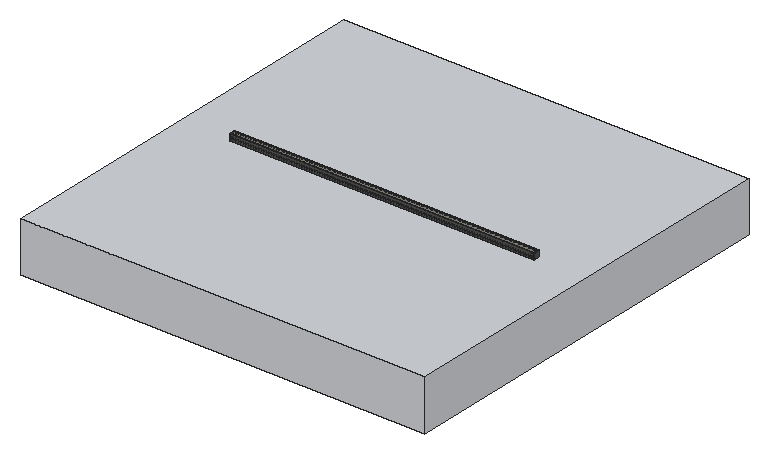
Revit family "Relation 30", category Lighting Fixtures, host Face, Revit 2012
Parameters (values of type "100W - 120V")
  Wattage = 9.2903 W
  built-in parameter 1150110 = 1 (stored number, unit not read)
  built-in parameter 1114217 = 1 (stored number, unit not read)
  built-in parameter 1150109 = 1 (stored number, unit not read)
  built-in parameter 1150134 = 1
  built-in parameter 1150113 = 1 (stored number, unit not read)
  built-in parameter 1150105 = 109.82 (stored number, unit not read)
  Lumens = 1380 lm
  built-in parameter 1150115 = 1 (stored number, unit not read)
  Light Source Symbol Size = 609.6 mm
  built-in parameter 1150137 = (empty or 0)
  built-in parameter 1150139 = (empty or 0)
  built-in parameter 1150112 = 1 (stored number, unit not read)
  built-in parameter 1150114 = 1 (stored number, unit not read)
  built-in parameter 1150132 = (empty or 0)
  built-in parameter 1150102 = (empty or 0)
  built-in parameter 1150107 = 6500 (stored number, unit not read)
  built-in parameter 1150138 = (empty or 0)
  built-in parameter 1150106 = 1.0982 (stored number, unit not read)
  Emit from Line Length = Length  # 1828.8 mm
  built-in parameter 1150104 = 13.8 (stored number, unit not read)
  Dimming Lamp Color Temperature Shift = <None>
  Color Filter = 16777215
  Body Material = Metal - Chrome
  Shade Material = Glass - Frosted
  Load Classification = Lighting - Dwelling Unit
  Length = 1828.8 mm
  Ballast Voltage = 120 V
  Ballast Number of Poles = 1
  Lamp = "A-19"
  Default Elevation = 1219.2 mm
  built-in parameter 1140040 [instance] = 1
  Bulb Material = Glass - White, High Luminance
  built-in parameter 1114218 = 1 (stored number, unit not read)
  built-in parameter 1150133 = 10 (stored number, unit not read)
  Assembly Code = "D5020220"
  Apparent Load = 100 VA
Types (6, lengths in mm): name | built-in parameter 1150134 | built-in parameter 1150107 | Color Filter | Ballast Voltage | Lamp | Apparent Load
  100W - 120V | 1 | 6500 (stored number, unit not read) | 16777215 | 120 V | "A-19" | 100 VA
  100W - 277V | 3 | 3200 (stored number, unit not read) | 16777215 | 277 V | "A-19" | 100 VA
  150W - 120V | 3 | 3200 (stored number, unit not read) | 16777215 | 120 V | "A-21" | 150 VA
  150W - 277V | 3 | 3200 (stored number, unit not read) | 16777215 | 277 V | "A-21" | 150 VA
  100W - 120V Red | 1 | 6500 (stored number, unit not read) | 255 | 120 V | "A-19" | 100 VA
  100W - 120V Blue | 1 | 6500 (stored number, unit not read) | 16060449 | 120 V | "A-19" | 100 VA
Reference planes
  plane 1 "Center (Front/Back)": y = 0
  plane 2: z = 0
  plane 3 "Center (Left/Right)": x = 0
  plane 4: x = 914.4
  plane 5: x = -914.4
  plane 6 "Light Source": z = 34.675
Forms (mm)
  Extrusion 1, solid
    sketch origin (0, 0, 0) x (1, 0, 0) y (0, 1, 0)
      loop
        line (-1219.2, 1219.2) -> (-1219.2, -1219.2) -> (1219.2, -1219.2) -> (1219.2, 1219.2) -> (-1219.2, 1219.2)
    from 0 to -304.8
  Extrusion 2, solid, material "Metal - Chrome" <- "Body Material"
    sketch origin (0, 0, 0) x (0, 1, 0) y (0, 0, 1)
      loop
        line (18.5, 34.675) -> (16.417, 34.675) -> (16.417, 17.133)
        arc (16.417, 17.133) -> (16.148, 16.739) -> (15.672, 16.703) r 0.552
        arc (15.672, 16.703) -> (14.621, 16.328) -> (14.839, 15.233) r 0.854
        arc (14.839, 15.233) -> (15.523, 14.94) -> (15.86, 14.276) r 1.088
        line (15.86, 14.276) -> (15.5, 12.933)
        arc (15.5, 12.933) -> (15.57, 12.458) -> (15.856, 12.072) r 0.987
        arc (15.856, 12.072) -> (16.252, 11.47) -> (16.443, 10.775) r 2.304
        line (16.443, 10.775) -> (16.443, 6.438) -> (14.675, 6.438)
        arc (14.675, 6.438) -> (14.151, 6.147) -> (14.119, 5.548) r 0.618
        arc (14.119, 5.548) -> (14.852, 4.485) -> (14.265, 3.335) r 1.261
        line (14.265, 3.335) -> (14.265, 2.503) -> (12.776, 2.503) -> (12.776, 3.335)
        arc (12.776, 3.335) -> (12.189, 4.485) -> (12.921, 5.548) r 1.261
        arc (12.921, 5.548) -> (12.89, 6.147) -> (12.366, 6.438) r 0.618
        line (12.366, 6.438) -> (8.046, 6.438) -> (8.046, 4.937) -> (10.061, 4.937) -> (10.061, 2.503) -> (-10.061, 2.503) -> (-10.061, 4.937) -> (-8.046, 4.937) -> (-8.046, 6.438) -> (-12.366, 6.438)
        arc (-12.366, 6.438) -> (-12.89, 6.147) -> (-12.921, 5.548) r 0.618
        arc (-12.921, 5.548) -> (-12.189, 4.485) -> (-12.776, 3.335) r 1.261
        line (-12.776, 3.335) -> (-12.776, 2.503) -> (-14.265, 2.503) -> (-14.265, 3.335)
        arc (-14.265, 3.335) -> (-14.852, 4.485) -> (-14.119, 5.548) r 1.261
        arc (-14.119, 5.548) -> (-14.151, 6.147) -> (-14.675, 6.438) r 0.618
        line (-14.675, 6.438) -> (-16.443, 6.438) -> (-16.443, 10.775)
        arc (-16.443, 10.775) -> (-16.252, 11.47) -> (-15.856, 12.072) r 2.304
        arc (-15.856, 12.072) -> (-15.57, 12.458) -> (-15.5, 12.933) r 0.987
        line (-15.5, 12.933) -> (-15.86, 14.276)
        arc (-15.86, 14.276) -> (-15.523, 14.94) -> (-14.839, 15.233) r 1.088
        arc (-14.839, 15.233) -> (-14.621, 16.328) -> (-15.672, 16.703) r 0.854
        arc (-15.672, 16.703) -> (-16.148, 16.739) -> (-16.417, 17.133) r 0.552
        line (-16.417, 17.133) -> (-16.417, 34.675) -> (-18.5, 34.675) -> (-18.5, 0) -> (18.5, 0) -> (18.5, 34.675)
    from -914.4 to 914.4
  Extrusion 3, solid, material "Glass - Frosted" <- "Shade Material"
    sketch origin (0, 0, 0) x (0, 1, 0) y (0, 0, 1)
      loop
        arc (15.86, 14.276) -> (15.523, 14.94) -> (14.839, 15.233) r 1.088
        arc (14.839, 15.233) -> (14.621, 16.328) -> (15.672, 16.703) r 0.854
        arc (15.672, 16.703) -> (16.148, 16.739) -> (16.417, 17.133) r 0.552
        line (16.417, 17.133) -> (16.147, 32.221)
        arc (16.147, 32.221) -> (15.952, 32.693) -> (15.48, 32.888) r 0.667
        line (15.48, 32.888) -> (-15.48, 32.888)
        arc (-15.48, 32.888) -> (-15.952, 32.693) -> (-16.147, 32.221) r 0.667
        line (-16.147, 32.221) -> (-16.417, 17.133)
        arc (-16.417, 17.133) -> (-16.148, 16.739) -> (-15.672, 16.703) r 0.552
        arc (-15.672, 16.703) -> (-14.621, 16.328) -> (-14.839, 15.233) r 0.854
        arc (-14.839, 15.233) -> (-15.523, 14.94) -> (-15.86, 14.276) r 1.088
        line (-15.86, 14.276) -> (-15.367, 12.437)
        arc (-15.367, 12.437) -> (-14.475, 12.026) -> (-13.908, 12.828) r 0.768
        line (-13.908, 12.828) -> (-14.162, 13.778)
        arc (-14.162, 13.778) -> (-14.05, 14.187) -> (-13.743, 14.48) r 0.796
        arc (-13.743, 14.48) -> (-13.125, 16.432) -> (-14.009, 18.278) r 2.785
        arc (-14.009, 18.278) -> (-14.738, 18.881) -> (-14.895, 19.814) r 1.354
        line (-14.895, 19.814) -> (-14.727, 29.912)
        arc (-14.727, 29.912) -> (-14.269, 30.219) -> (-13.81, 29.912) r 0.496
        line (-13.81, 29.912) -> (-12.053, 31.098) -> (-10.359, 29.912) -> (-8.602, 31.098) -> (-6.908, 29.912) -> (-5.151, 31.098) -> (-3.454, 29.91) -> (-1.693, 31.098) -> (0, 29.912) -> (1.693, 31.098) -> (3.454, 29.91) -> (5.151, 31.098) -> (6.908, 29.912) -> (8.602, 31.098) -> (10.359, 29.912) -> (12.053, 31.098) -> (13.81, 29.912)
        arc (13.81, 29.912) -> (14.269, 30.219) -> (14.727, 29.912) r 0.496
        line (14.727, 29.912) -> (14.895, 19.814)
        arc (14.895, 19.814) -> (14.738, 18.881) -> (14.009, 18.278) r 1.354
        arc (14.009, 18.278) -> (13.125, 16.432) -> (13.743, 14.48) r 2.785
        arc (13.743, 14.48) -> (14.05, 14.187) -> (14.162, 13.778) r 0.796
        line (14.162, 13.778) -> (13.908, 12.828)
        arc (13.908, 12.828) -> (14.475, 12.026) -> (15.367, 12.437) r 0.768
        line (15.367, 12.437) -> (15.86, 14.276)
    from -914.4 to 914.4
  Extrusion 4, solid, material "Metal - Chrome" <- "Body Material"
    sketch origin (914.4, 1524, 1219.2) x (0, 1, 0) y (0, 0, 1)
      loop
        line (-1505.5, -1184.525) -> (-1542.5, -1184.525) -> (-1542.5, -1219.2) -> (-1505.5, -1219.2) -> (-1505.5, -1184.525)
      loop
        circle (-1537.593, -1214.798) r 1.589
      loop
        circle (-1510.407, -1214.798) r 1.589
    from 0 to 5
  Extrusion 5, solid, material "Metal - Chrome" <- "Body Material"
    sketch origin (-914.4, 1524, 1219.2) x (0, 1, 0) y (0, 0, 1)
      loop
        line (-1505.5, -1184.525) -> (-1542.5, -1184.525) -> (-1542.5, -1219.2) -> (-1505.5, -1219.2) -> (-1505.5, -1184.525)
      loop
        circle (-1537.593, -1214.798) r 1.589
      loop
        circle (-1510.407, -1214.798) r 1.589
    from 0 to -5
Lines and regions (mm)
  symbolic lines
    curve 1: line (-43.166, 0, 0) -> (43.044, 0, 0)
    curve 2: line (-914.4, -18.5, 0) -> (914.4, -18.5, 0)
    curve 3: line (-914.4, 18.5, 0) -> (-914.4, -18.5, 0)
    curve 4: line (914.4, 18.5, 0) -> (-914.4, 18.5, 0)
    curve 5: line (914.4, -18.5, 0) -> (914.4, 18.5, 0)
Dimensions and locks
  equal spacing: plane 5, plane 3 "Center (Left/Right)", plane 4
  "Length": plane 5 to plane 4
  aligned and locked: plane 2 to Extrusion 1
  aligned and locked: level to Extrusion 1
  aligned and locked: curve 1 to plane 2
  aligned and locked: Extrusion 2 to plane 5
  aligned and locked: plane 4 to Extrusion 2
  aligned and locked: Extrusion 2 to Extrusion 1
  aligned and locked: Extrusion 5 to curve 2
  aligned and locked: Extrusion 4 to curve 4
  aligned and locked: curve 3 to plane 5
  aligned and locked: plane 4 to curve 5
Automatic sketch dimensions
  curve 1 to plane 3 "Center (Left/Right)" = 43.166 mm
  plane 3 "Center (Left/Right)" to curve 1 = 43.044 mm
  Extrusion 1 sketch curve to Extrusion 1 sketch curve = 2438.4 mm  (x2)
  Extrusion 2 sketch curve to level = 0 mm
  plane 1 "Center (Front/Back)" to Extrusion 2 sketch curve = 18.5 mm
  Extrusion 2 sketch curve to Extrusion 2 sketch curve = 2.018 mm
  Extrusion 2 sketch curve to Extrusion 2 sketch curve = 0.039 mm
  Extrusion 2 sketch curve to Extrusion 2 sketch curve = 0.065 mm
  Extrusion 2 sketch curve to Extrusion 2 sketch curve = 0.545 mm  (x2)
  Extrusion 2 sketch curve to Extrusion 2 sketch curve = 0.622 mm
  Extrusion 2 sketch curve to Extrusion 2 sketch curve = 0.626 mm  (x3)
  Extrusion 2 sketch curve to Extrusion 2 sketch curve = 0.199 mm  (x2)
  Extrusion 2 sketch curve to Extrusion 2 sketch curve = 0 mm  (x4)
  level to Extrusion 2 sketch curve = 12.933 mm
  Extrusion 2 sketch curve to Extrusion 2 sketch curve = 0.356 mm  (x2)
  Extrusion 2 sketch curve to Extrusion 2 sketch curve = 0.309 mm  (x2)
  Extrusion 2 sketch curve to Extrusion 2 sketch curve = 0.525 mm  (x2)
  Extrusion 2 sketch curve to Extrusion 2 sketch curve = 1.081 mm  (x2)
  Extrusion 2 sketch curve to Extrusion 2 sketch curve = 1.768 mm  (x2)
  Extrusion 2 sketch curve to Extrusion 2 sketch curve = 0.41 mm
  Extrusion 2 sketch curve to Extrusion 2 sketch curve = 2.29 mm
  Extrusion 2 sketch curve to Extrusion 2 sketch curve = 0.556 mm  (x4)
  Extrusion 2 sketch curve to Extrusion 2 sketch curve = 0.672 mm  (x2)
  Extrusion 2 sketch curve to Extrusion 2 sketch curve = 0.146 mm  (x2)
  Extrusion 2 sketch curve to Extrusion 2 sketch curve = 1.198 mm  (x2)
  Extrusion 2 sketch curve to Extrusion 2 sketch curve = 2.715 mm  (x2)
  Extrusion 2 sketch curve to Extrusion 2 sketch curve = 2.015 mm  (x2)
  Extrusion 2 sketch curve to plane 1 "Center (Front/Back)" = 8.046 mm
  Extrusion 2 sketch curve to Extrusion 2 sketch curve = 2.305 mm
  Extrusion 2 sketch curve to Extrusion 2 sketch curve = 0.526 mm
  Extrusion 2 sketch curve to Extrusion 2 sketch curve = 1.787 mm
  Extrusion 2 sketch curve to Extrusion 2 sketch curve = 1.489 mm
  Extrusion 2 sketch curve to Extrusion 2 sketch curve = 0.059 mm
  Extrusion 2 sketch curve to Extrusion 2 sketch curve = 0.721 mm
  Extrusion 2 sketch curve to Extrusion 2 sketch curve = 4.235 mm
  level to Extrusion 2 sketch curve = 2.503 mm  (x3)
  Extrusion 2 sketch curve to Extrusion 2 sketch curve = 0.832 mm  (x4)
  Extrusion 2 sketch curve to Extrusion 2 sketch curve = 1.067 mm  (x2)
  Extrusion 2 sketch curve to Extrusion 2 sketch curve = 2.434 mm  (x2)
  Extrusion 2 sketch curve to Extrusion 2 sketch curve = 0.271 mm  (x4)
  Extrusion 2 sketch curve to Extrusion 2 sketch curve = 2.413 mm
  Extrusion 2 sketch curve to Extrusion 2 sketch curve = 4.083 mm
  Extrusion 2 sketch curve to Extrusion 2 sketch curve = 0.254 mm  (x2)
  Extrusion 2 sketch curve to Extrusion 2 sketch curve = 0.763 mm
  Extrusion 2 sketch curve to Extrusion 2 sketch curve = 1.213 mm  (x2)
  Extrusion 2 sketch curve to Extrusion 2 sketch curve = 0.13 mm  (x2)
  Extrusion 2 sketch curve to Extrusion 2 sketch curve = 0.674 mm  (x2)
  Extrusion 2 sketch curve to Extrusion 2 sketch curve = 17.457 mm  (x2)
  Extrusion 3 sketch curve to plane 1 "Center (Front/Back)" = 0 mm
  plane 1 "Center (Front/Back)" to Extrusion 3 sketch curve = 1.693 mm
  Extrusion 3 sketch curve to Extrusion 3 sketch curve = 1.761 mm  (x2)
  Extrusion 3 sketch curve to Extrusion 3 sketch curve = 1.696 mm  (x2)
  Extrusion 3 sketch curve to Extrusion 3 sketch curve = 1.758 mm  (x6)
  Extrusion 3 sketch curve to Extrusion 3 sketch curve = 1.693 mm  (x4)
  plane 1 "Center (Front/Back)" to Extrusion 3 sketch curve = 13.366 mm
  Extrusion 3 sketch curve to Extrusion 3 sketch curve = 0.199 mm  (x4)
  Extrusion 3 sketch curve to Extrusion 3 sketch curve = 0.377 mm  (x2)
  Extrusion 3 sketch curve to Extrusion 3 sketch curve = 0.542 mm  (x2)
  Extrusion 3 sketch curve to Extrusion 3 sketch curve = 0.443 mm  (x2)
  Extrusion 3 sketch curve to Extrusion 3 sketch curve = 0.796 mm  (x2)
  Extrusion 3 sketch curve to Extrusion 3 sketch curve = 0.458 mm  (x4)
  Extrusion 3 sketch curve to Extrusion 3 sketch curve = 0.766 mm  (x2)
  Extrusion 3 sketch curve to Extrusion 3 sketch curve = 0.617 mm  (x2)
  Extrusion 3 sketch curve to Extrusion 3 sketch curve = 0.059 mm  (x2)
  Extrusion 3 sketch curve to Extrusion 3 sketch curve = 1.33 mm  (x2)
  Extrusion 3 sketch curve to Extrusion 3 sketch curve = 0.525 mm  (x2)
  level to Extrusion 3 sketch curve = 12.437 mm  (x2)
  Extrusion 3 sketch curve to Extrusion 3 sketch curve = 0.693 mm  (x2)
  Extrusion 3 sketch curve to Extrusion 3 sketch curve = 0.753 mm  (x2)
  Extrusion 3 sketch curve to Extrusion 3 sketch curve = 0.309 mm  (x2)
  Extrusion 3 sketch curve to Extrusion 3 sketch curve = 0 mm  (x5)
  Extrusion 3 sketch curve to Extrusion 3 sketch curve = 1.081 mm  (x2)
  Extrusion 3 sketch curve to Extrusion 3 sketch curve = 0.232 mm  (x2)
  Extrusion 3 sketch curve to Extrusion 3 sketch curve = 0.667 mm  (x2)
  Extrusion 3 sketch curve to Extrusion 3 sketch curve = 0.545 mm  (x2)
  Extrusion 3 sketch curve to plane 1 "Center (Front/Back)" = 1.693 mm
  Extrusion 3 sketch curve to plane 1 "Center (Front/Back)" = 13.366 mm
  Extrusion 3 sketch curve to Extrusion 3 sketch curve = 0.33 mm  (x2)
  Extrusion 3 sketch curve to Extrusion 3 sketch curve = 0.95 mm  (x2)
  Extrusion 3 sketch curve to Extrusion 3 sketch curve = 0.367 mm  (x2)
  Extrusion 3 sketch curve to Extrusion 3 sketch curve = 0.13 mm  (x2)
  Extrusion 3 sketch curve to Extrusion 3 sketch curve = 0.674 mm  (x2)
  Extrusion 3 sketch curve to Extrusion 3 sketch curve = 0.465 mm  (x2)
  Extrusion 3 sketch curve to Extrusion 3 sketch curve = 1.28 mm  (x2)
  Extrusion 3 sketch curve to Extrusion 3 sketch curve = 9.909 mm  (x2)
  Extrusion 3 sketch curve to Extrusion 3 sketch curve = 0.187 mm
  Extrusion 3 sketch curve to Extrusion 3 sketch curve = 0.002 mm  (x3)
  Extrusion 3 sketch curve to Extrusion 3 sketch curve = 0.189 mm  (x2)
  Extrusion 3 sketch curve to Extrusion 3 sketch curve = 1.186 mm  (x6)
  Extrusion 3 sketch curve to Extrusion 3 sketch curve = 1.188 mm  (x2)
  Extrusion 3 sketch curve to Extrusion 3 sketch curve = 2.309 mm
  Extrusion 4 sketch curve to level = 0 mm
  plane 1 "Center (Front/Back)" to Extrusion 4 sketch curve = 18.5 mm
  Extrusion 4 sketch curve to Extrusion 4 sketch curve = 4.907 mm  (x2)
  level to Extrusion 4 sketch curve = 4.402 mm  (x2)
  Extrusion 4 sketch curve to plane 1 "Center (Front/Back)" = 13.593 mm
  Extrusion 4 sketch curve to Extrusion 4 sketch curve = 30.273 mm
  Extrusion 5 sketch curve to level = 0 mm
  plane 1 "Center (Front/Back)" to Extrusion 5 sketch curve = 18.5 mm
  Extrusion 5 sketch curve to Extrusion 5 sketch curve = 4.907 mm  (x2)
  level to Extrusion 5 sketch curve = 4.402 mm  (x2)
  Extrusion 5 sketch curve to plane 1 "Center (Front/Back)" = 13.593 mm
  Extrusion 5 sketch curve to Extrusion 5 sketch curve = 30.273 mm
  radius of Extrusion 4 sketch curve = 1.589 mm  (x2)
  radius of Extrusion 5 sketch curve = 1.589 mm  (x2)
